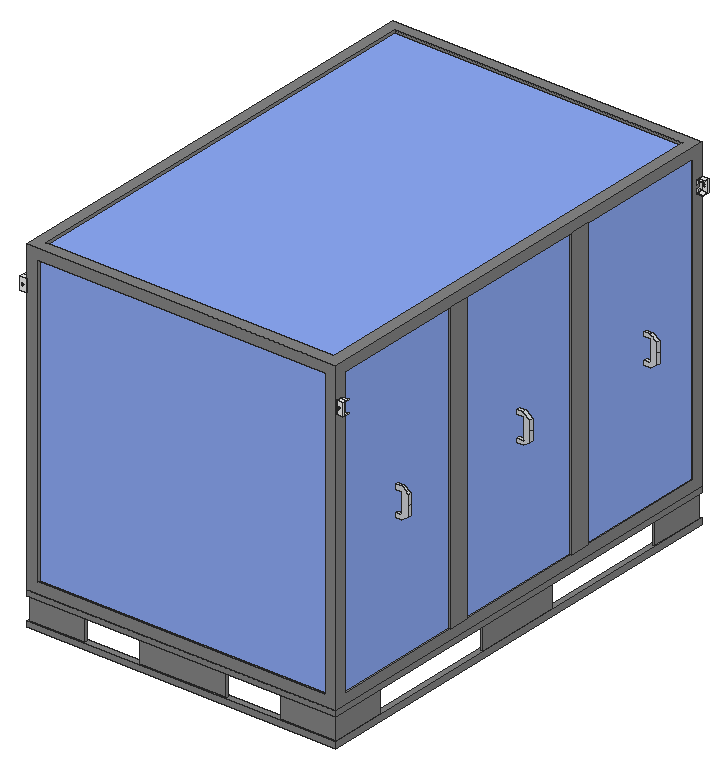
Revit family "11.1 Секция шумоглушения удлиненная ANR H2", category Оборудование, Revit 2016 (continued)
Definition of nested family "УГО шумоглушитель №40 (разрез)"
  Automatic sketch dimensions
    curve 225 to curve 228 = 76.672 mm
    curve 228 to curve 230 = 20 mm
    curve 229 to curve 232 = 76.672 mm
    curve 232 to curve 234 = 20 mm
    curve 233 to curve 236 = 76.672 mm
    curve 236 to curve 238 = 20 mm
    curve 96 to curve 98 = 45 mm
    curve 92 to curve 94 = 45 mm
    curve 97 to curve 91 = 13.447 mm
    curve 93 to curve 95 = 55.716 mm
    curve 98 to curve 280 = 228.639 mm
    curve 94 to curve 89 = 228.639 mm
    curve 284 to curve 281 = 0 mm
    curve 87 to curve 85 = 0 mm
    curve 100 to curve 88 = 0 mm
    curve 280 to curve 278 = 0 mm  (x2)
    curve 104 to curve 101 = 0 mm
    curve 276 to curve 274 = 0 mm  (x2)
    curve 108 to curve 105 = 0 mm
    curve 272 to curve 270 = 0 mm  (x2)
    curve 112 to curve 109 = 0 mm
    curve 268 to curve 266 = 0 mm  (x2)
    curve 116 to curve 113 = 0 mm
    curve 264 to curve 262 = 0 mm  (x2)
    curve 120 to curve 117 = 0 mm
    curve 260 to curve 258 = 0 mm  (x2)
    curve 124 to curve 121 = 0 mm
    curve 256 to curve 254 = 0 mm  (x2)
    curve 148 to curve 125 = 0 mm
    curve 252 to curve 250 = 0 mm  (x2)
    curve 152 to curve 149 = 0 mm
    curve 248 to curve 246 = 0 mm  (x2)
    curve 156 to curve 153 = 0 mm
    curve 244 to curve 242 = 0 mm  (x2)
    curve 160 to curve 157 = 0 mm
    curve 190 to curve 161 = 0 mm
    curve 164 to curve 161 = 0 mm
    curve 240 to curve 186 = 0 mm  (x2)
    curve 180 to curve 189 = 0 mm
    curve 181 to curve 182 = 905 mm
    curve 180 to curve 167 = 0 mm
    curve 184 to curve 182 = 0 mm
    curve 164 to curve 163 = 0 mm
    curve 188 to curve 166 = 0 mm
    curve 160 to curve 159 = 0 mm
    curve 156 to curve 155 = 0 mm
    curve 152 to curve 151 = 0 mm
    curve 148 to curve 127 = 0 mm
    curve 124 to curve 123 = 0 mm
    curve 120 to curve 119 = 0 mm
    curve 116 to curve 115 = 0 mm
    curve 112 to curve 111 = 0 mm
    curve 108 to curve 107 = 0 mm
    curve 104 to curve 103 = 0 mm
    curve 100 to curve 90 = 0 mm
    curve 87 to curve 86 = 0 mm
    curve 284 to curve 282 = 0 mm
    curve 83 to curve 85 = 20 mm
    curve 84 to curve 87 = 76.672 mm
    curve 87 to curve 89 = 20 mm
    curve 88 to curve 101 = 76.672 mm
    curve 100 to curve 102 = 20 mm
    curve 101 to curve 104 = 76.672 mm
    curve 104 to curve 106 = 20 mm
    curve 106 to curve 108 = 76.672 mm
    curve 108 to curve 110 = 20 mm
    curve 110 to curve 112 = 76.672 mm
    curve 112 to curve 115 = 20 mm
    curve 114 to curve 119 = 76.672 mm
    curve 116 to curve 118 = 20 mm
    curve 117 to curve 121 = 76.672 mm
    curve 120 to curve 122 = 20 mm
    curve 121 to curve 124 = 76.672 mm
    curve 124 to curve 126 = 20 mm
    curve 126 to curve 148 = 76.672 mm
    curve 148 to curve 150 = 20 mm
    curve 150 to curve 152 = 76.672 mm
    curve 152 to curve 154 = 20 mm
    curve 153 to curve 157 = 76.672 mm
    curve 156 to curve 158 = 20 mm
    curve 157 to curve 160 = 76.672 mm
    curve 160 to curve 161 = 20 mm
    curve 162 to curve 164 = 76.672 mm
    curve 164 to curve 166 = 20 mm
    curve 166 to curve 188 = 76.672 mm
    curve 188 to curve 190 = 20 mm
    curve 189 to curve 94 = 64.861 mm
    curve 189 to curve 181 = 76.672 mm
    curve 180 to curve 181 = 20 mm
    curve 95 to curve 93 = 33.477 mm
    curve 93 to curve 95 = 35 mm
    curve 92 to curve 92 = 35 mm
    curve 93 to curve 91 = 35 mm
    curve 92 to curve 97 = 35 mm
    curve 182 to curve 187 = 76.672 mm
    curve 184 to curve 186 = 20 mm
    curve 97 to curve 99 = 33.477 mm
    curve 185 to curve 240 = 76.672 mm
    curve 240 to curve 242 = 20 mm
    curve 241 to curve 244 = 76.672 mm
    curve 244 to curve 246 = 20 mm
    curve 245 to curve 248 = 76.672 mm
    curve 248 to curve 250 = 20 mm
    curve 249 to curve 252 = 76.672 mm
    curve 252 to curve 254 = 20 mm
    curve 253 to curve 256 = 76.672 mm
    curve 256 to curve 258 = 20 mm
    curve 258 to curve 260 = 76.672 mm
    curve 260 to curve 262 = 20 mm
    curve 262 to curve 264 = 76.672 mm
    curve 264 to curve 266 = 20 mm
    curve 265 to curve 268 = 76.672 mm
    curve 268 to curve 270 = 20 mm
    curve 269 to curve 272 = 76.672 mm
    curve 272 to curve 274 = 20 mm
    curve 273 to curve 276 = 76.672 mm
    curve 276 to curve 278 = 20 mm
    curve 277 to curve 280 = 76.672 mm
    curve 280 to curve 282 = 20 mm
    curve 281 to curve 284 = 76.672 mm
    curve 284 to curve 286 = 20 mm
    radius of curve 13 = 90 mm
    radius of curve 91 = 90 mm
Definition of nested family "УГО шумоглушитель №45 (разрез)"
  Parameters (values of type "УГО шумоглушитель №45 (разрез)")
    длина [instance] = 1600 mm
    высота [instance] = 4000 mm
    Ширина [instance] = 410 mm
    Частота вращения n, об/мин = ""
    Тип, марка, обозначение = ""
    Сила тока J, А = ""
    Раздел = ""
    Примечание = ""
    Позиция = ""
    Default Elevation = 1219.2 mm
    Напряжение U,В = ""
    Наименование и тех.хар-ка = ""
    Мощность двигателя N,Вт = ""
    Материал = none
    Масса единицы = ""
    Код, оборудования = ""
    Keynote = ""
    Завод изготовитель = ""
    Единица измерения = ""
    Диаметр = 110 mm
  Reference planes
    plane 1 "По центру (Вперед/Назад)": y = 0
    plane 2: z = 0
    plane 3 "По центру (Влево/Вправо)": x = 0
    plane 4: z = 4000
    plane 5: x = 800
    plane 6: x = -800
    plane 7: z = 2000
  Lines and regions (mm)
    model lines
      curve 1: line (-800, 0, 0) -> (800, 0, 0)
      curve 2: line (-800, 0, 4000) -> (-800, 0, 0)
      curve 3: line (800, 0, 4000) -> (-800, 0, 4000)
      curve 4: line (800, 0, 0) -> (800, 0, 4000)
      curve 5: line (-218.39, 0, 430.227) -> (686.61, 0, 430.227)
      curve 6: line (-218.39, 0, 450.227) -> (-218.39, 0, 430.227)
      curve 7: line (686.61, 0, 450.227) -> (-218.39, 0, 450.227)
      curve 8: line (686.61, 0, 430.227) -> (686.61, 0, 450.227)
      curve 9: line (-218.39, 0, 526.899) -> (686.61, 0, 526.899)
      curve 10: line (-218.39, 0, 546.899) -> (-218.39, 0, 526.899)
      curve 11: line (686.61, 0, 546.899) -> (-218.39, 0, 546.899)
      curve 12: line (686.61, 0, 526.899) -> (686.61, 0, 546.899)
      curve 13: circle (-489.297, 0, 1936.967) r 90 normal (0, -1, 0)
      curve 14: line (-547.745, 0, 1936.967) -> (-547.745, 0, 1901.967)
      curve 15: line (-547.745, 0, 1901.967) -> (-502.745, 0, 1901.967)
      curve 16: line (-502.745, 0, 1901.967) -> (-447.029, 0, 1868.49)
      curve 17: line (-447.029, 0, 1868.49) -> (-447.029, 0, 1936.967)
      curve 18: line (-547.745, 0, 1936.967) -> (-547.745, 0, 1971.967)
      curve 19: line (-547.745, 0, 1971.967) -> (-502.745, 0, 1971.967)
      curve 20: line (-502.745, 0, 1971.967) -> (-447.029, 0, 2005.445)
      curve 21: line (-447.029, 0, 2005.445) -> (-447.029, 0, 1936.967)
      curve 55: line (-218.39, 0, 623.57) -> (686.61, 0, 623.57)
      curve 56: line (-218.39, 0, 643.57) -> (-218.39, 0, 623.57)
      curve 57: line (686.61, 0, 643.57) -> (-218.39, 0, 643.57)
      curve 58: line (686.61, 0, 623.57) -> (686.61, 0, 643.57)
      curve 59: line (-218.39, 0, 720.242) -> (686.61, 0, 720.242)
      curve 60: line (-218.39, 0, 740.242) -> (-218.39, 0, 720.242)
      curve 61: line (686.61, 0, 740.242) -> (-218.39, 0, 740.242)
      curve 62: line (686.61, 0, 720.242) -> (686.61, 0, 740.242)
      curve 63: line (-218.39, 0, 816.913) -> (686.61, 0, 816.913)
      curve 64: line (-218.39, 0, 836.913) -> (-218.39, 0, 816.913)
      curve 65: line (686.61, 0, 836.913) -> (-218.39, 0, 836.913)
      curve 66: line (686.61, 0, 816.913) -> (686.61, 0, 836.913)
      curve 67: line (-218.39, 0, 913.585) -> (686.61, 0, 913.585)
      curve 68: line (-218.39, 0, 933.585) -> (-218.39, 0, 913.585)
      curve 69: line (686.61, 0, 933.585) -> (-218.39, 0, 933.585)
      curve 70: line (686.61, 0, 913.585) -> (686.61, 0, 933.585)
      curve 71: line (-218.39, 0, 1010.256) -> (686.61, 0, 1010.256)
      curve 72: line (-218.39, 0, 1030.256) -> (-218.39, 0, 1010.256)
      curve 73: line (686.61, 0, 1030.256) -> (-218.39, 0, 1030.256)
      curve 74: line (686.61, 0, 1010.256) -> (686.61, 0, 1030.256)
      curve 75: line (-218.39, 0, 1106.928) -> (686.61, 0, 1106.928)
      curve 76: line (-218.39, 0, 1126.928) -> (-218.39, 0, 1106.928)
      curve 77: line (686.61, 0, 1126.928) -> (-218.39, 0, 1126.928)
      curve 78: line (686.61, 0, 1106.928) -> (686.61, 0, 1126.928)
      curve 79: line (-218.39, 0, 1203.599) -> (686.61, 0, 1203.599)
      curve 80: line (-218.39, 0, 1223.599) -> (-218.39, 0, 1203.599)
      curve 81: line (686.61, 0, 1223.599) -> (-218.39, 0, 1223.599)
      curve 82: line (686.61, 0, 1203.599) -> (686.61, 0, 1223.599)
      curve 128: line (-218.39, 0, 1300.271) -> (686.61, 0, 1300.271)
      curve 129: line (-218.39, 0, 1320.271) -> (-218.39, 0, 1300.271)
      curve 130: line (686.61, 0, 1320.271) -> (-218.39, 0, 1320.271)
      curve 131: line (686.61, 0, 1300.271) -> (686.61, 0, 1320.271)
      curve 132: line (-218.39, 0, 1396.943) -> (686.61, 0, 1396.943)
      curve 133: line (-218.39, 0, 1416.943) -> (-218.39, 0, 1396.943)
      curve 134: line (686.61, 0, 1416.943) -> (-218.39, 0, 1416.943)
      curve 135: line (686.61, 0, 1396.943) -> (686.61, 0, 1416.943)
      curve 136: line (-218.39, 0, 1493.614) -> (686.61, 0, 1493.614)
      curve 137: line (-218.39, 0, 1513.614) -> (-218.39, 0, 1493.614)
      curve 138: line (686.61, 0, 1513.614) -> (-218.39, 0, 1513.614)
      curve 139: line (686.61, 0, 1493.614) -> (686.61, 0, 1513.614)
      curve 140: line (-218.39, 0, 1590.286) -> (686.61, 0, 1590.286)
      curve 141: line (-218.39, 0, 1610.286) -> (-218.39, 0, 1590.286)
      curve 142: line (686.61, 0, 1610.286) -> (-218.39, 0, 1610.286)
      curve 143: line (686.61, 0, 1590.286) -> (686.61, 0, 1610.286)
      curve 144: line (-218.39, 0, 1686.957) -> (686.61, 0, 1686.957)
      curve 145: line (-218.39, 0, 1706.957) -> (-218.39, 0, 1686.957)
      curve 146: line (686.61, 0, 1706.957) -> (-218.39, 0, 1706.957)
      curve 147: line (686.61, 0, 1686.957) -> (686.61, 0, 1706.957)
      curve 168: line (-218.39, 0, 1880.3) -> (686.61, 0, 1880.3)
      curve 169: line (-218.39, 0, 1900.3) -> (-218.39, 0, 1880.3)
      curve 170: line (686.61, 0, 1900.3) -> (-218.39, 0, 1900.3)
      curve 171: line (686.61, 0, 1880.3) -> (686.61, 0, 1900.3)
      curve 172: line (-218.39, 0, 1976.972) -> (686.61, 0, 1976.972)
      curve 173: line (-218.39, 0, 1996.972) -> (-218.39, 0, 1976.972)
      curve 174: line (686.61, 0, 1996.972) -> (-218.39, 0, 1996.972)
      curve 175: line (686.61, 0, 1976.972) -> (686.61, 0, 1996.972)
      curve 176: line (-218.39, 0, 1783.629) -> (686.61, 0, 1783.629)
      curve 177: line (-218.39, 0, 1803.629) -> (-218.39, 0, 1783.629)
      curve 178: line (686.61, 0, 1803.629) -> (-218.39, 0, 1803.629)
      curve 179: line (686.61, 0, 1783.629) -> (686.61, 0, 1803.629)
      curve 192: line (-218.39, 0, 2073.643) -> (686.61, 0, 2073.643)
      curve 193: line (-218.39, 0, 2093.643) -> (-218.39, 0, 2073.643)
      curve 194: line (686.61, 0, 2093.643) -> (-218.39, 0, 2093.643)
      curve 195: line (686.61, 0, 2073.643) -> (686.61, 0, 2093.643)
      curve 196: line (-218.39, 0, 2170.315) -> (686.61, 0, 2170.315)
      curve 197: line (-218.39, 0, 2190.315) -> (-218.39, 0, 2170.315)
      curve 198: line (686.61, 0, 2190.315) -> (-218.39, 0, 2190.315)
      curve 199: line (686.61, 0, 2170.315) -> (686.61, 0, 2190.315)
      curve 200: line (-218.39, 0, 2266.986) -> (686.61, 0, 2266.986)
      curve 201: line (-218.39, 0, 2286.986) -> (-218.39, 0, 2266.986)
      curve 202: line (686.61, 0, 2286.986) -> (-218.39, 0, 2286.986)
      curve 203: line (686.61, 0, 2266.986) -> (686.61, 0, 2286.986)
      curve 204: line (-218.39, 0, 2363.658) -> (686.61, 0, 2363.658)
      curve 205: line (-218.39, 0, 2383.658) -> (-218.39, 0, 2363.658)
      curve 206: line (686.61, 0, 2383.658) -> (-218.39, 0, 2383.658)
      curve 207: line (686.61, 0, 2363.658) -> (686.61, 0, 2383.658)
      curve 208: line (-218.39, 0, 2460.33) -> (686.61, 0, 2460.33)
      curve 209: line (-218.39, 0, 2480.33) -> (-218.39, 0, 2460.33)
      curve 210: line (686.61, 0, 2480.33) -> (-218.39, 0, 2480.33)
      curve 211: line (686.61, 0, 2460.33) -> (686.61, 0, 2480.33)
      curve 212: line (-218.39, 0, 2557.001) -> (686.61, 0, 2557.001)
      curve 213: line (-218.39, 0, 2577.001) -> (-218.39, 0, 2557.001)
      curve 214: line (686.61, 0, 2577.001) -> (-218.39, 0, 2577.001)
      curve 215: line (686.61, 0, 2557.001) -> (686.61, 0, 2577.001)
      curve 216: line (-218.39, 0, 2653.673) -> (686.61, 0, 2653.673)
      curve 217: line (-218.39, 0, 2673.673) -> (-218.39, 0, 2653.673)
      curve 218: line (686.61, 0, 2673.673) -> (-218.39, 0, 2673.673)
      curve 219: line (686.61, 0, 2653.673) -> (686.61, 0, 2673.673)
      curve 220: line (-218.39, 0, 2750.344) -> (686.61, 0, 2750.344)
      curve 221: line (-218.39, 0, 2770.344) -> (-218.39, 0, 2750.344)
      curve 222: line (686.61, 0, 2770.344) -> (-218.39, 0, 2770.344)
      curve 223: line (686.61, 0, 2750.344) -> (686.61, 0, 2770.344)
      curve 224: line (-218.39, 0, 2847.016) -> (686.61, 0, 2847.016)
      curve 225: line (-218.39, 0, 2867.016) -> (-218.39, 0, 2847.016)
      curve 226: line (686.61, 0, 2867.016) -> (-218.39, 0, 2867.016)
      curve 227: line (686.61, 0, 2847.016) -> (686.61, 0, 2867.016)
      curve 228: line (-218.39, 0, 2943.687) -> (686.61, 0, 2943.687)
      curve 229: line (-218.39, 0, 2963.687) -> (-218.39, 0, 2943.687)
      curve 230: line (686.61, 0, 2963.687) -> (-218.39, 0, 2963.687)
      curve 231: line (686.61, 0, 2943.687) -> (686.61, 0, 2963.687)
      curve 232: line (-218.39, 0, 3040.359) -> (686.61, 0, 3040.359)
      curve 233: line (-218.39, 0, 3060.359) -> (-218.39, 0, 3040.359)
      curve 234: line (686.61, 0, 3060.359) -> (-218.39, 0, 3060.359)
      curve 235: line (686.61, 0, 3040.359) -> (686.61, 0, 3060.359)
      curve 236: line (-218.39, 0, 3137.03) -> (686.61, 0, 3137.03)
      curve 237: line (-218.39, 0, 3157.03) -> (-218.39, 0, 3137.03)
      curve 238: line (686.61, 0, 3157.03) -> (-218.39, 0, 3157.03)
      curve 239: line (686.61, 0, 3137.03) -> (686.61, 0, 3157.03)
      curve 288: line (-218.39, 0, 3233.702) -> (686.61, 0, 3233.702)
      curve 289: line (-218.39, 0, 3253.702) -> (-218.39, 0, 3233.702)
      curve 290: line (686.61, 0, 3253.702) -> (-218.39, 0, 3253.702)
      curve 291: line (686.61, 0, 3233.702) -> (686.61, 0, 3253.702)
      curve 292: line (-218.39, 0, 3330.374) -> (686.61, 0, 3330.374)
      curve 293: line (-218.39, 0, 3350.374) -> (-218.39, 0, 3330.374)
      curve 294: line (686.61, 0, 3350.374) -> (-218.39, 0, 3350.374)
      curve 295: line (686.61, 0, 3330.374) -> (686.61, 0, 3350.374)
      curve 296: line (-218.39, 0, 3427.045) -> (686.61, 0, 3427.045)
      curve 297: line (-218.39, 0, 3447.045) -> (-218.39, 0, 3427.045)
      curve 298: line (686.61, 0, 3447.045) -> (-218.39, 0, 3447.045)
      curve 299: line (686.61, 0, 3427.045) -> (686.61, 0, 3447.045)
      curve 300: line (-218.39, 0, 3523.717) -> (686.61, 0, 3523.717)
      curve 301: line (-218.39, 0, 3543.717) -> (-218.39, 0, 3523.717)
      curve 302: line (686.61, 0, 3543.717) -> (-218.39, 0, 3543.717)
      curve 303: line (686.61, 0, 3523.717) -> (686.61, 0, 3543.717)
      curve 304: line (-218.39, 0, 3620.388) -> (686.61, 0, 3620.388)
      curve 305: line (-218.39, 0, 3640.388) -> (-218.39, 0, 3620.388)
      curve 306: line (686.61, 0, 3640.388) -> (-218.39, 0, 3640.388)
      curve 307: line (686.61, 0, 3620.388) -> (686.61, 0, 3640.388)
      curve 308: line (-218.39, 0, 3717.06) -> (686.61, 0, 3717.06)
      curve 309: line (-218.39, 0, 3737.06) -> (-218.39, 0, 3717.06)
      curve 310: line (686.61, 0, 3737.06) -> (-218.39, 0, 3737.06)
      curve 311: line (686.61, 0, 3717.06) -> (686.61, 0, 3737.06)
    model lines, not visible
      curve 22: line (-155.067, 0, 325.022) -> (464.933, 0, 325.022)
      curve 23: line (-155.067, 0, 305.022) -> (-155.067, 0, 325.022)
      curve 24: line (464.933, 0, 305.022) -> (-155.067, 0, 305.022)
      curve 25: line (464.933, 0, 325.022) -> (464.933, 0, 305.022)
      curve 26: line (-155.067, 0, 275.022) -> (464.933, 0, 275.022)
      curve 27: line (-155.067, 0, 255.022) -> (-155.067, 0, 275.022)
      curve 28: line (464.933, 0, 255.022) -> (-155.067, 0, 255.022)
      curve 29: line (464.933, 0, 275.022) -> (464.933, 0, 255.022)
      curve 30: line (-155.067, 0, 220.022) -> (464.933, 0, 220.022)
      curve 31: line (-155.067, 0, 200.022) -> (-155.067, 0, 220.022)
      curve 32: line (464.933, 0, 200.022) -> (-155.067, 0, 200.022)
      curve 33: line (464.933, 0, 220.022) -> (464.933, 0, 200.022)
      curve 34: line (-155.067, 0, 24.978) -> (464.933, 0, 24.978)
      curve 35: line (-155.067, 0, 44.978) -> (-155.067, 0, 24.978)
      curve 36: line (464.933, 0, 44.978) -> (-155.067, 0, 44.978)
      curve 37: line (464.933, 0, 24.978) -> (464.933, 0, 44.978)
      curve 38: line (-155.067, 0, 74.978) -> (464.933, 0, 74.978)
      curve 39: line (-155.067, 0, 94.978) -> (-155.067, 0, 74.978)
      curve 40: line (464.933, 0, 94.978) -> (-155.067, 0, 94.978)
      curve 41: line (464.933, 0, 74.978) -> (464.933, 0, 94.978)
      curve 42: line (-155.067, 0, 129.978) -> (464.933, 0, 129.978)
      curve 43: line (-155.067, 0, 149.978) -> (-155.067, 0, 129.978)
      curve 44: line (464.933, 0, 149.978) -> (-155.067, 0, 149.978)
      curve 45: line (464.933, 0, 129.978) -> (464.933, 0, 149.978)
      curve 46: circle (-331.553, 0, 175) r 90 normal (0, -1, 0)
      curve 47: line (-390, 0, 175) -> (-390, 0, 140)
      curve 48: line (-390, 0, 140) -> (-345, 0, 140)
      curve 49: line (-345, 0, 140) -> (-289.284, 0, 106.523)
      curve 50: line (-289.284, 0, 106.523) -> (-289.284, 0, 175)
      curve 51: line (-390, 0, 175) -> (-390, 0, 210)
      curve 52: line (-390, 0, 210) -> (-345, 0, 210)
      curve 53: line (-345, 0, 210) -> (-289.284, 0, 243.477)
      curve 54: line (-289.284, 0, 243.477) -> (-289.284, 0, 175)
      curve 83: line (-203.39, 0, 130.227) -> (701.61, 0, 130.227)
      curve 84: line (-203.39, 0, 150.227) -> (-203.39, 0, 130.227)
      curve 85: line (701.61, 0, 150.227) -> (-203.39, 0, 150.227)
      curve 86: line (701.61, 0, 130.227) -> (701.61, 0, 150.227)
      curve 87: line (-203.39, 0, 226.899) -> (701.61, 0, 226.899)
      curve 88: line (-203.39, 0, 246.899) -> (-203.39, 0, 226.899)
      curve 89: line (701.61, 0, 246.899) -> (-203.39, 0, 246.899)
      curve 90: line (701.61, 0, 226.899) -> (701.61, 0, 246.899)
      curve 91: circle (-474.297, 0, 1636.967) r 90 normal (0, -1, 0)
      curve 92: line (-532.745, 0, 1636.967) -> (-532.745, 0, 1601.967)
      curve 93: line (-532.745, 0, 1601.967) -> (-487.745, 0, 1601.967)
      curve 94: line (-487.745, 0, 1601.967) -> (-432.029, 0, 1568.49)
      curve 95: line (-432.029, 0, 1568.49) -> (-432.029, 0, 1636.967)
      curve 96: line (-532.745, 0, 1636.967) -> (-532.745, 0, 1671.967)
      curve 97: line (-532.745, 0, 1671.967) -> (-487.745, 0, 1671.967)
      curve 98: line (-487.745, 0, 1671.967) -> (-432.029, 0, 1705.445)
      curve 99: line (-432.029, 0, 1705.445) -> (-432.029, 0, 1636.967)
      curve 100: line (-203.39, 0, 323.57) -> (701.61, 0, 323.57)
      curve 101: line (-203.39, 0, 343.57) -> (-203.39, 0, 323.57)
      curve 102: line (701.61, 0, 343.57) -> (-203.39, 0, 343.57)
      curve 103: line (701.61, 0, 323.57) -> (701.61, 0, 343.57)
      curve 104: line (-203.39, 0, 420.242) -> (701.61, 0, 420.242)
      curve 105: line (-203.39, 0, 440.242) -> (-203.39, 0, 420.242)
      curve 106: line (701.61, 0, 440.242) -> (-203.39, 0, 440.242)
      curve 107: line (701.61, 0, 420.242) -> (701.61, 0, 440.242)
      curve 108: line (-203.39, 0, 516.913) -> (701.61, 0, 516.913)
      curve 109: line (-203.39, 0, 536.913) -> (-203.39, 0, 516.913)
      curve 110: line (701.61, 0, 536.913) -> (-203.39, 0, 536.913)
      curve 111: line (701.61, 0, 516.913) -> (701.61, 0, 536.913)
      curve 112: line (-203.39, 0, 613.585) -> (701.61, 0, 613.585)
      curve 113: line (-203.39, 0, 633.585) -> (-203.39, 0, 613.585)
      curve 114: line (701.61, 0, 633.585) -> (-203.39, 0, 633.585)
      curve 115: line (701.61, 0, 613.585) -> (701.61, 0, 633.585)
      curve 116: line (-203.39, 0, 710.256) -> (701.61, 0, 710.256)
      curve 117: line (-203.39, 0, 730.256) -> (-203.39, 0, 710.256)
      curve 118: line (701.61, 0, 730.256) -> (-203.39, 0, 730.256)
      curve 119: line (701.61, 0, 710.256) -> (701.61, 0, 730.256)
      curve 120: line (-203.39, 0, 806.928) -> (701.61, 0, 806.928)
      curve 121: line (-203.39, 0, 826.928) -> (-203.39, 0, 806.928)
      curve 122: line (701.61, 0, 826.928) -> (-203.39, 0, 826.928)
      curve 123: line (701.61, 0, 806.928) -> (701.61, 0, 826.928)
      curve 124: line (-203.39, 0, 903.599) -> (701.61, 0, 903.599)
      curve 125: line (-203.39, 0, 923.599) -> (-203.39, 0, 903.599)
      curve 126: line (701.61, 0, 923.599) -> (-203.39, 0, 923.599)
      curve 127: line (701.61, 0, 903.599) -> (701.61, 0, 923.599)
      curve 148: line (-203.39, 0, 1000.271) -> (701.61, 0, 1000.271)
      curve 149: line (-203.39, 0, 1020.271) -> (-203.39, 0, 1000.271)
      curve 150: line (701.61, 0, 1020.271) -> (-203.39, 0, 1020.271)
      curve 151: line (701.61, 0, 1000.271) -> (701.61, 0, 1020.271)
      curve 152: line (-203.39, 0, 1096.943) -> (701.61, 0, 1096.943)
      curve 153: line (-203.39, 0, 1116.943) -> (-203.39, 0, 1096.943)
      curve 154: line (701.61, 0, 1116.943) -> (-203.39, 0, 1116.943)
      curve 155: line (701.61, 0, 1096.943) -> (701.61, 0, 1116.943)
      curve 156: line (-203.39, 0, 1193.614) -> (701.61, 0, 1193.614)
      curve 157: line (-203.39, 0, 1213.614) -> (-203.39, 0, 1193.614)
      curve 158: line (701.61, 0, 1213.614) -> (-203.39, 0, 1213.614)
      curve 159: line (701.61, 0, 1193.614) -> (701.61, 0, 1213.614)
      curve 160: line (-203.39, 0, 1290.286) -> (701.61, 0, 1290.286)
      curve 161: line (-203.39, 0, 1310.286) -> (-203.39, 0, 1290.286)
      curve 162: line (701.61, 0, 1310.286) -> (-203.39, 0, 1310.286)
      curve 163: line (701.61, 0, 1290.286) -> (701.61, 0, 1310.286)
      curve 164: line (-203.39, 0, 1386.957) -> (701.61, 0, 1386.957)
      curve 165: line (-203.39, 0, 1406.957) -> (-203.39, 0, 1386.957)
      curve 166: line (701.61, 0, 1406.957) -> (-203.39, 0, 1406.957)
      curve 167: line (701.61, 0, 1386.957) -> (701.61, 0, 1406.957)
      curve 180: line (-203.39, 0, 1580.3) -> (701.61, 0, 1580.3)
      curve 181: line (-203.39, 0, 1600.3) -> (-203.39, 0, 1580.3)
      curve 182: line (701.61, 0, 1600.3) -> (-203.39, 0, 1600.3)
      curve 183: line (701.61, 0, 1580.3) -> (701.61, 0, 1600.3)
      curve 184: line (-203.39, 0, 1676.972) -> (701.61, 0, 1676.972)
      curve 185: line (-203.39, 0, 1696.972) -> (-203.39, 0, 1676.972)
      curve 186: line (701.61, 0, 1696.972) -> (-203.39, 0, 1696.972)
      curve 187: line (701.61, 0, 1676.972) -> (701.61, 0, 1696.972)
      curve 188: line (-203.39, 0, 1483.629) -> (701.61, 0, 1483.629)
      curve 189: line (-203.39, 0, 1503.629) -> (-203.39, 0, 1483.629)
      curve 190: line (701.61, 0, 1503.629) -> (-203.39, 0, 1503.629)
      curve 191: line (701.61, 0, 1483.629) -> (701.61, 0, 1503.629)
      curve 240: line (-203.39, 0, 1773.643) -> (701.61, 0, 1773.643)
      curve 241: line (-203.39, 0, 1793.643) -> (-203.39, 0, 1773.643)
      curve 242: line (701.61, 0, 1793.643) -> (-203.39, 0, 1793.643)
      curve 243: line (701.61, 0, 1773.643) -> (701.61, 0, 1793.643)
      curve 244: line (-203.39, 0, 1870.315) -> (701.61, 0, 1870.315)
      curve 245: line (-203.39, 0, 1890.315) -> (-203.39, 0, 1870.315)
      curve 246: line (701.61, 0, 1890.315) -> (-203.39, 0, 1890.315)
      curve 247: line (701.61, 0, 1870.315) -> (701.61, 0, 1890.315)
      curve 248: line (-203.39, 0, 1966.986) -> (701.61, 0, 1966.986)
      curve 249: line (-203.39, 0, 1986.986) -> (-203.39, 0, 1966.986)
      curve 250: line (701.61, 0, 1986.986) -> (-203.39, 0, 1986.986)
      curve 251: line (701.61, 0, 1966.986) -> (701.61, 0, 1986.986)
      curve 252: line (-203.39, 0, 2063.658) -> (701.61, 0, 2063.658)
      curve 253: line (-203.39, 0, 2083.658) -> (-203.39, 0, 2063.658)
      curve 254: line (701.61, 0, 2083.658) -> (-203.39, 0, 2083.658)
      curve 255: line (701.61, 0, 2063.658) -> (701.61, 0, 2083.658)
      curve 256: line (-203.39, 0, 2160.33) -> (701.61, 0, 2160.33)
      curve 257: line (-203.39, 0, 2180.33) -> (-203.39, 0, 2160.33)
      curve 258: line (701.61, 0, 2180.33) -> (-203.39, 0, 2180.33)
      curve 259: line (701.61, 0, 2160.33) -> (701.61, 0, 2180.33)
      curve 260: line (-203.39, 0, 2257.001) -> (701.61, 0, 2257.001)
      curve 261: line (-203.39, 0, 2277.001) -> (-203.39, 0, 2257.001)
      curve 262: line (701.61, 0, 2277.001) -> (-203.39, 0, 2277.001)
      curve 263: line (701.61, 0, 2257.001) -> (701.61, 0, 2277.001)
      curve 264: line (-203.39, 0, 2353.673) -> (701.61, 0, 2353.673)
      curve 265: line (-203.39, 0, 2373.673) -> (-203.39, 0, 2353.673)
      curve 266: line (701.61, 0, 2373.673) -> (-203.39, 0, 2373.673)
      curve 267: line (701.61, 0, 2353.673) -> (701.61, 0, 2373.673)
      curve 268: line (-203.39, 0, 2450.344) -> (701.61, 0, 2450.344)
      curve 269: line (-203.39, 0, 2470.344) -> (-203.39, 0, 2450.344)
      curve 270: line (701.61, 0, 2470.344) -> (-203.39, 0, 2470.344)
      curve 271: line (701.61, 0, 2450.344) -> (701.61, 0, 2470.344)
      curve 272: line (-203.39, 0, 2547.016) -> (701.61, 0, 2547.016)
      curve 273: line (-203.39, 0, 2567.016) -> (-203.39, 0, 2547.016)
      curve 274: line (701.61, 0, 2567.016) -> (-203.39, 0, 2567.016)
      curve 275: line (701.61, 0, 2547.016) -> (701.61, 0, 2567.016)
      curve 276: line (-203.39, 0, 2643.687) -> (701.61, 0, 2643.687)
      curve 277: line (-203.39, 0, 2663.687) -> (-203.39, 0, 2643.687)
      curve 278: line (701.61, 0, 2663.687) -> (-203.39, 0, 2663.687)
      curve 279: line (701.61, 0, 2643.687) -> (701.61, 0, 2663.687)
      curve 280: line (-203.39, 0, 2740.359) -> (701.61, 0, 2740.359)
      curve 281: line (-203.39, 0, 2760.359) -> (-203.39, 0, 2740.359)
      curve 282: line (701.61, 0, 2760.359) -> (-203.39, 0, 2760.359)
      curve 283: line (701.61, 0, 2740.359) -> (701.61, 0, 2760.359)
      curve 284: line (-203.39, 0, 2837.03) -> (701.61, 0, 2837.03)
      curve 285: line (-203.39, 0, 2857.03) -> (-203.39, 0, 2837.03)
      curve 286: line (701.61, 0, 2857.03) -> (-203.39, 0, 2857.03)
      curve 287: line (701.61, 0, 2837.03) -> (701.61, 0, 2857.03)
      curve 312: line (-203.39, 0, 2933.702) -> (701.61, 0, 2933.702)
      curve 313: line (-203.39, 0, 2953.702) -> (-203.39, 0, 2933.702)
      curve 314: line (701.61, 0, 2953.702) -> (-203.39, 0, 2953.702)
      curve 315: line (701.61, 0, 2933.702) -> (701.61, 0, 2953.702)
      curve 316: line (-203.39, 0, 3030.374) -> (701.61, 0, 3030.374)
      curve 317: line (-203.39, 0, 3050.374) -> (-203.39, 0, 3030.374)
      curve 318: line (701.61, 0, 3050.374) -> (-203.39, 0, 3050.374)
      curve 319: line (701.61, 0, 3030.374) -> (701.61, 0, 3050.374)
      curve 320: line (-203.39, 0, 3127.045) -> (701.61, 0, 3127.045)
      curve 321: line (-203.39, 0, 3147.045) -> (-203.39, 0, 3127.045)
      curve 322: line (701.61, 0, 3147.045) -> (-203.39, 0, 3147.045)
      curve 323: line (701.61, 0, 3127.045) -> (701.61, 0, 3147.045)
      curve 324: line (-203.39, 0, 3223.717) -> (701.61, 0, 3223.717)
      curve 325: line (-203.39, 0, 3243.717) -> (-203.39, 0, 3223.717)
      curve 326: line (701.61, 0, 3243.717) -> (-203.39, 0, 3243.717)
      curve 327: line (701.61, 0, 3223.717) -> (701.61, 0, 3243.717)
      curve 328: line (-203.39, 0, 3320.388) -> (701.61, 0, 3320.388)
      curve 329: line (-203.39, 0, 3340.388) -> (-203.39, 0, 3320.388)
      curve 330: line (701.61, 0, 3340.388) -> (-203.39, 0, 3340.388)
      curve 331: line (701.61, 0, 3320.388) -> (701.61, 0, 3340.388)
      curve 332: line (-203.39, 0, 3417.06) -> (701.61, 0, 3417.06)
      curve 333: line (-203.39, 0, 3437.06) -> (-203.39, 0, 3417.06)
      curve 334: line (701.61, 0, 3437.06) -> (-203.39, 0, 3437.06)
      curve 335: line (701.61, 0, 3417.06) -> (701.61, 0, 3437.06)
  Dimensions and locks
    equal spacing: plane 5, plane 3 "По центру (Влево/Вправо)", plane 6
    "длина": plane 5 to plane 6
    "высота": plane 4 to level
    equal spacing: plane 4, plane 7, plane 2
    aligned and locked: level to plane 2
  Automatic sketch dimensions
    curve 3 to plane 4 = 0 mm
    curve 3 to plane 6 = 0 mm
    curve 3 to plane 5 = 0 mm
    curve 1 to level = 0 mm
    curve 18 to curve 20 = 45 mm
    curve 14 to curve 16 = 45 mm
    curve 19 to curve 13 = 13.447 mm
    curve 15 to curve 17 = 55.716 mm
    curve 20 to curve 304 = 228.639 mm
    curve 16 to curve 11 = 228.639 mm
    curve 308 to curve 305 = 0 mm
    curve 9 to curve 7 = 0 mm
    curve 55 to curve 10 = 0 mm
    curve 304 to curve 302 = 0 mm  (x2)
    curve 59 to curve 56 = 0 mm
    curve 300 to curve 298 = 0 mm  (x2)
    curve 63 to curve 60 = 0 mm
    curve 296 to curve 294 = 0 mm  (x2)
    curve 67 to curve 64 = 0 mm
    curve 292 to curve 290 = 0 mm  (x2)
    curve 71 to curve 68 = 0 mm
    curve 288 to curve 238 = 0 mm  (x2)
    curve 75 to curve 72 = 0 mm
    curve 236 to curve 234 = 0 mm  (x2)
    curve 79 to curve 76 = 0 mm
    curve 232 to curve 230 = 0 mm  (x2)
    curve 128 to curve 80 = 0 mm
    curve 228 to curve 226 = 0 mm  (x2)
    curve 132 to curve 129 = 0 mm
    curve 224 to curve 222 = 0 mm  (x2)
    curve 136 to curve 133 = 0 mm
    curve 220 to curve 218 = 0 mm  (x2)
    curve 140 to curve 137 = 0 mm
    curve 216 to curve 214 = 0 mm  (x2)
    curve 144 to curve 141 = 0 mm
    curve 212 to curve 210 = 0 mm  (x2)
    curve 168 to curve 145 = 0 mm
    curve 208 to curve 206 = 0 mm  (x2)
    curve 172 to curve 169 = 0 mm
    curve 204 to curve 202 = 0 mm  (x2)
    curve 176 to curve 145 = 0 mm
    curve 200 to curve 198 = 0 mm  (x2)
    curve 192 to curve 173 = 0 mm
    curve 193 to curve 194 = 905 mm
    curve 192 to curve 179 = 0 mm
    curve 196 to curve 194 = 0 mm
    curve 192 to curve 175 = 0 mm
    curve 172 to curve 171 = 0 mm
    curve 176 to curve 147 = 0 mm
    curve 144 to curve 143 = 0 mm
    curve 140 to curve 139 = 0 mm
    curve 136 to curve 135 = 0 mm
    curve 132 to curve 131 = 0 mm
    curve 128 to curve 82 = 0 mm
    curve 79 to curve 78 = 0 mm
    curve 75 to curve 74 = 0 mm
    curve 71 to curve 70 = 0 mm
    curve 67 to curve 66 = 0 mm
    curve 63 to curve 62 = 0 mm
    curve 59 to curve 58 = 0 mm
    curve 55 to curve 12 = 0 mm
    curve 9 to curve 8 = 0 mm
    curve 308 to curve 306 = 0 mm
    curve 5 to curve 7 = 20 mm
    curve 7 to curve 9 = 76.672 mm
    curve 9 to curve 11 = 20 mm
    curve 10 to curve 56 = 76.672 mm
    curve 55 to curve 58 = 20 mm
    curve 56 to curve 59 = 76.672 mm
    curve 59 to curve 62 = 20 mm
    curve 61 to curve 63 = 76.672 mm
    curve 63 to curve 65 = 20 mm
    curve 64 to curve 68 = 76.672 mm
    curve 67 to curve 69 = 20 mm
    curve 68 to curve 71 = 76.672 mm
    curve 71 to curve 73 = 20 mm
    curve 72 to curve 75 = 76.672 mm
    curve 75 to curve 77 = 20 mm
    curve 76 to curve 79 = 76.672 mm
    curve 79 to curve 81 = 20 mm
    curve 80 to curve 129 = 76.672 mm
    curve 128 to curve 130 = 20 mm
    curve 130 to curve 132 = 76.672 mm
    curve 132 to curve 134 = 20 mm
    curve 133 to curve 136 = 76.672 mm
    curve 136 to curve 137 = 20 mm
    curve 137 to curve 140 = 76.672 mm
    curve 140 to curve 142 = 20 mm
    curve 141 to curve 144 = 76.672 mm
    curve 144 to curve 145 = 20 mm
    curve 146 to curve 176 = 76.672 mm
    curve 176 to curve 179 = 20 mm
    curve 177 to curve 17 = 64.861 mm
    curve 178 to curve 171 = 76.672 mm
    curve 168 to curve 170 = 20 mm
    curve 16 to curve 14 = 33.477 mm
    curve 15 to curve 17 = 35 mm
    curve 14 to curve 18 = 35 mm  (x2)
    curve 15 to curve 13 = 35 mm
    curve 170 to curve 175 = 76.672 mm
    curve 172 to curve 174 = 20 mm
    curve 19 to curve 21 = 33.477 mm
    curve 173 to curve 192 = 76.672 mm
    curve 192 to curve 194 = 20 mm
    curve 193 to curve 196 = 76.672 mm
    curve 196 to curve 198 = 20 mm
    curve 197 to curve 200 = 76.672 mm
    curve 200 to curve 202 = 20 mm
    curve 201 to curve 204 = 76.672 mm
    curve 204 to curve 206 = 20 mm
    curve 205 to curve 208 = 76.672 mm
    curve 208 to curve 210 = 20 mm
    curve 209 to curve 212 = 76.672 mm
    curve 212 to curve 214 = 20 mm
    curve 214 to curve 216 = 76.672 mm
    curve 216 to curve 218 = 20 mm
    curve 218 to curve 220 = 76.672 mm
    curve 220 to curve 222 = 20 mm
    curve 221 to curve 224 = 76.672 mm
    curve 224 to curve 226 = 20 mm
    curve 225 to curve 228 = 76.672 mm
    curve 228 to curve 230 = 20 mm
    curve 230 to curve 232 = 76.672 mm
    curve 232 to curve 234 = 20 mm
    curve 233 to curve 236 = 76.672 mm
    curve 236 to curve 238 = 20 mm
    curve 237 to curve 288 = 76.672 mm
    curve 288 to curve 290 = 20 mm
    curve 290 to curve 292 = 76.672 mm
    curve 292 to curve 294 = 20 mm
    curve 293 to curve 296 = 76.672 mm
    curve 296 to curve 298 = 20 mm
    curve 297 to curve 300 = 76.672 mm
    curve 300 to curve 302 = 20 mm
    curve 302 to curve 304 = 76.672 mm
    curve 304 to curve 306 = 20 mm
    curve 305 to curve 308 = 76.672 mm
    curve 308 to curve 310 = 20 mm
    curve 96 to curve 98 = 45 mm
    curve 92 to curve 94 = 45 mm
    curve 97 to curve 91 = 13.447 mm
    curve 93 to curve 95 = 55.716 mm
    curve 98 to curve 328 = 228.639 mm
    curve 94 to curve 89 = 228.639 mm
    curve 332 to curve 329 = 0 mm
    curve 87 to curve 85 = 0 mm
    curve 100 to curve 88 = 0 mm
    curve 328 to curve 326 = 0 mm  (x2)
    curve 104 to curve 101 = 0 mm
    curve 324 to curve 322 = 0 mm  (x2)
    curve 108 to curve 105 = 0 mm
    curve 320 to curve 318 = 0 mm  (x2)
    curve 112 to curve 109 = 0 mm
    curve 316 to curve 314 = 0 mm  (x2)
    curve 116 to curve 113 = 0 mm
    curve 312 to curve 286 = 0 mm  (x2)
    curve 120 to curve 117 = 0 mm
    curve 284 to curve 282 = 0 mm  (x2)
    curve 124 to curve 121 = 0 mm
    curve 280 to curve 278 = 0 mm  (x2)
    curve 148 to curve 125 = 0 mm
    curve 276 to curve 274 = 0 mm  (x2)
    curve 152 to curve 149 = 0 mm
    curve 272 to curve 270 = 0 mm  (x2)
    curve 156 to curve 153 = 0 mm
    curve 268 to curve 266 = 0 mm  (x2)
    curve 160 to curve 157 = 0 mm
    curve 264 to curve 262 = 0 mm  (x2)
    curve 164 to curve 161 = 0 mm
    curve 260 to curve 258 = 0 mm  (x2)
    curve 180 to curve 165 = 0 mm
    curve 256 to curve 254 = 0 mm  (x2)
    curve 184 to curve 181 = 0 mm
    curve 252 to curve 250 = 0 mm  (x2)
    curve 188 to curve 165 = 0 mm
    curve 248 to curve 246 = 0 mm  (x2)
    curve 240 to curve 185 = 0 mm
    curve 241 to curve 242 = 905 mm
    curve 240 to curve 191 = 0 mm
    curve 244 to curve 242 = 0 mm
    curve 240 to curve 187 = 0 mm
    curve 184 to curve 183 = 0 mm
    curve 188 to curve 167 = 0 mm
    curve 164 to curve 163 = 0 mm
    curve 160 to curve 159 = 0 mm
    curve 156 to curve 155 = 0 mm
    curve 152 to curve 151 = 0 mm
    curve 148 to curve 127 = 0 mm
    curve 124 to curve 123 = 0 mm
    curve 120 to curve 119 = 0 mm
    curve 116 to curve 115 = 0 mm
    curve 112 to curve 111 = 0 mm
    curve 108 to curve 107 = 0 mm
    curve 104 to curve 103 = 0 mm
    curve 100 to curve 90 = 0 mm
    curve 87 to curve 86 = 0 mm
    curve 332 to curve 330 = 0 mm
    curve 83 to curve 85 = 20 mm
    curve 85 to curve 87 = 76.672 mm
    curve 87 to curve 89 = 20 mm
    curve 88 to curve 101 = 76.672 mm
    curve 100 to curve 103 = 20 mm
    curve 101 to curve 104 = 76.672 mm
    curve 104 to curve 107 = 20 mm
    curve 106 to curve 108 = 76.672 mm
    curve 108 to curve 110 = 20 mm
    curve 109 to curve 113 = 76.672 mm
    curve 112 to curve 114 = 20 mm
    curve 113 to curve 116 = 76.672 mm
    curve 116 to curve 118 = 20 mm
    curve 117 to curve 120 = 76.672 mm
    curve 120 to curve 122 = 20 mm
    curve 121 to curve 124 = 76.672 mm
    curve 124 to curve 126 = 20 mm
    curve 125 to curve 149 = 76.672 mm
    curve 148 to curve 150 = 20 mm
    curve 150 to curve 152 = 76.672 mm
    curve 152 to curve 154 = 20 mm
    curve 153 to curve 156 = 76.672 mm
    curve 156 to curve 157 = 20 mm
    curve 157 to curve 160 = 76.672 mm
    curve 160 to curve 162 = 20 mm
    curve 161 to curve 164 = 76.672 mm
    curve 164 to curve 165 = 20 mm
    curve 166 to curve 188 = 76.672 mm
    curve 188 to curve 191 = 20 mm
    curve 189 to curve 95 = 64.861 mm
    curve 190 to curve 183 = 76.672 mm
    curve 180 to curve 182 = 20 mm
    curve 94 to curve 92 = 33.477 mm
    curve 93 to curve 95 = 35 mm
    curve 92 to curve 96 = 35 mm  (x2)
    curve 93 to curve 91 = 35 mm
    curve 182 to curve 187 = 76.672 mm
    curve 184 to curve 186 = 20 mm
    curve 97 to curve 99 = 33.477 mm
    curve 185 to curve 240 = 76.672 mm
    curve 240 to curve 242 = 20 mm
    curve 241 to curve 244 = 76.672 mm
    curve 244 to curve 246 = 20 mm
    curve 245 to curve 248 = 76.672 mm
    curve 248 to curve 250 = 20 mm
    curve 249 to curve 252 = 76.672 mm
    curve 252 to curve 254 = 20 mm
    curve 253 to curve 256 = 76.672 mm
    curve 256 to curve 258 = 20 mm
    curve 257 to curve 260 = 76.672 mm
    curve 260 to curve 262 = 20 mm
    curve 262 to curve 264 = 76.672 mm
    curve 264 to curve 266 = 20 mm
    curve 266 to curve 268 = 76.672 mm
    curve 268 to curve 270 = 20 mm
    curve 269 to curve 272 = 76.672 mm
    curve 272 to curve 274 = 20 mm
    curve 273 to curve 276 = 76.672 mm
    curve 276 to curve 278 = 20 mm
    curve 278 to curve 280 = 76.672 mm
    curve 280 to curve 282 = 20 mm
    curve 281 to curve 284 = 76.672 mm
    curve 284 to curve 286 = 20 mm
    curve 285 to curve 312 = 76.672 mm
    curve 312 to curve 314 = 20 mm
    curve 314 to curve 316 = 76.672 mm
    curve 316 to curve 318 = 20 mm
    curve 317 to curve 320 = 76.672 mm
    curve 320 to curve 322 = 20 mm
    curve 321 to curve 324 = 76.672 mm
    curve 324 to curve 326 = 20 mm
    curve 326 to curve 328 = 76.672 mm
    curve 328 to curve 330 = 20 mm
    curve 329 to curve 332 = 76.672 mm
    curve 332 to curve 334 = 20 mm
    radius of curve 13 = 90 mm
    radius of curve 91 = 90 mm
Types (10, lengths in mm): name | №6 | №45 | №40 | №35 | №30 | №25 | №20 | Ширина | Середина | Высота | Б1 | А1 | А | Б | Тип, марка, обозначение
  ANR 6 H2 | yes | no | no | no | no | no | no | 1025 | 670 | 1025 | 1080 | 1080 | 1100 | 1100 | "ANR 6 H2"
  ANR 7 H2 | yes | no | no | no | no | no | no | 1025 | 780 | 1245 | 1300 | 1080 | 1100 | 1320 | "ANR 7 H2"
  ANR 8 H2 | yes | no | no | no | no | no | no | 1245 | 780 | 1245 | 1300 | 1300 | 1320 | 1320 | "ANR 8 H2"
  ANR 12 H2 | yes | no | no | no | no | no | no | 1360 | 837.5 | 1360 | 1415 | 1415 | 1435 | 1435 | "ANR 12 H2"
  ANR 20 H2 | no | no | no | no | no | no | yes | 1585 | 950 | 1585 | 1640 | 1640 | 1660 | 1660 | "ANR 20 H2"
  ANR 25 H2 | no | no | no | no | no | yes | no | 1970 | 1142.5 | 1970 | 2025 | 2025 | 2045 | 2045 | "ANR 25 H2"
  ANR 30 H2 | no | no | no | no | yes | no | no | 2410 | 1142.5 | 1970 | 2025 | 2465 | 2485 | 2045 | "ANR 30 H2"
  ANR 35 H2 | no | no | no | yes | no | no | no | 2410 | 1362.5 | 2410 | 2465 | 2465 | 2485 | 2485 | "ANR 35 H2"
  ANR 40 H2 | no | no | yes | no | no | no | no | 3245 | 1780 | 3245 | 3300 | 3300 | 3320 | 3320 | "ANR 40 H2"
  ANR 45 H2 | no | yes | no | no | no | no | no | 3245 | 2165 | 4015 | 4070 | 3300 | 3320 | 4090 | "ANR 45 H2"
